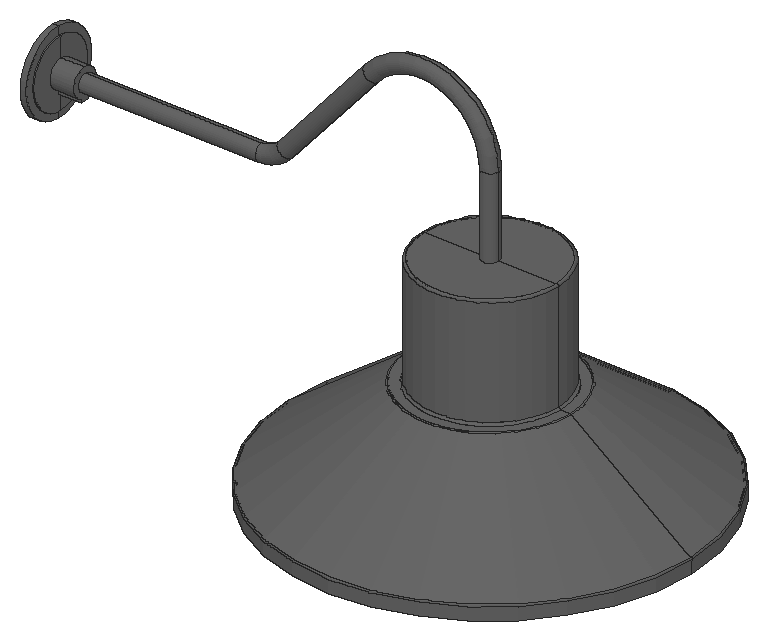
Revit family "VEC 12,16,20,24 MB", category Lighting Fixtures, Revit 2020
Family settings
  Round Connector Dimension = Use Diameter
  Part Type = Normal
  OmniClass Number = 23.80.70.00
  OmniClass Title = Lighting
  Work Plane-Based = No
  Always vertical = Yes
  Cut with Voids When Loaded = No
  Light Source = Yes
  Shared = No
  Room Calculation Point = No
Parameters (values of type "VEC24")
  b = 0' - 0"
  a = 0' - 8 1/2"
  Weight = "5.0lb"
  Wattage Comments = "200 W Max"  # constant formula
  Wattage = 13.4642 W
  Warranty = "5 year limited warranty"  # constant formula
  built-in parameter 1150110 = 1 (stored number, unit not read)
  Voltage = 220 V  # constant formula
  VEC24 = yes
  VEC20 = no
  VEC16 = no
  VEC12 = no
  URL = "https://www.anplighting.com/assets/Uploads/product-attachments/specification-sheets/ANP-Specification-Sheet-RLM-MB-VEC24.pdf"
  built-in parameter 1114217 = 1 (stored number, unit not read)
  Tilt Angle = 90.00°
  built-in parameter 1150109 = 1 (stored number, unit not read)
  built-in parameter 1150134 = 12
  built-in parameter 1150113 = 1 (stored number, unit not read)
  Photometric Web File = "VEC24M016LDDW40K.ies"
  Mounting Option [instance] = 2
  Power Factor = 1
  Post Mount [instance] = Mounting Option = 5  # no
  Placement X axis side [instance] = if(Post Mount, 2' 2 15/32", if(Cord or Stem Mount, 0' 0", if(E36 20 inch, 1' 8 1/4", if(E 6 26 inch, 2' 2", if(E7 41 inch, 3' 5 1/4", 0' 1")))))  # 2' - 2"
  Model = "VEC24"
  Manufacturer = "ANP Lighting"  # constant formula
  built-in parameter 1150105 = 159.15 (stored number, unit not read)
  Lumens = 2000 lm
  built-in parameter 1150115 = 1 (stored number, unit not read)
  Load Classification = Lighting
  Light Source Height [instance] = 0' - 0"
  built-in parameter 1150137 = (empty or 0)
  built-in parameter 1150139 = (empty or 0)
  Light Elevation _2 [instance] = if(Post Mount, 0' 0.66142", if(E7 41 inch, 0' 0.66142", if(E36 20 inch, 0' 1.65748", if(E 6 26 inch, 0' 1.53543", if(Cord or Stem Mount, (0' 4.3622" + Cord Length), 0' 0")))))  # 0' - 1.53543"
  Light Elevation _1 [instance] = if(Post Mount, 0' 0", if(E7 41 inch, 0' 0", if(E36 20 inch, 0' 1", if(E 6 26 inch, 0' 0.87402", if(Cord or Stem Mount, (0' 3.66142" + Cord Length), 0' 0")))))  # 0' - 0.87402"
  Light Elevation [instance] = if(Post Mount, 14' 0.5315", if(E7 41 inch, 0' 0", 0' 0"))  # 0' - 0"
  Life = "L70 50,000 hours"  # constant formula
  built-in parameter 1150112 = 1 (stored number, unit not read)
  built-in parameter 1150114 = 1 (stored number, unit not read)
  Lamp = "MB"  # constant formula
  built-in parameter 1150132 = 2
  built-in parameter 1150102 = (empty or 0)
  built-in parameter 1150107 = 4000 (stored number, unit not read)
  built-in parameter 1150138 = (empty or 0)
  built-in parameter 1150106 = 1.5915 (stored number, unit not read)
  HUB = Steel, Paint Finish, Dark Gray, Matte
  Fixture Height = 1' - 0 5/8"
  Fixture Diameter = 2' - 0"
  Efficiency = "71-108 lumens per watt"  # constant formula
  built-in parameter 1150104 = 13.8 (stored number, unit not read)
  E7 41 inch [instance] = Mounting Option = 4  # no
  E36 20 inch [instance] = Mounting Option = 3  # no
  E 6 26 inch [instance] = Mounting Option = 2  # yes
  Dimming Lamp Color Temperature Shift = <None>
  Dimming = "1%"  # constant formula
  Description = "120-277 Voltage"  # constant formula
  Default Elevation = 0' - 0"
  Cord or Stem Mount [instance] = Mounting Option = 1  # no
  Cord Length option [instance] = 0
  Cord Length [instance] = if([2' Cord], 2' 0", if([4' Cord], 4' 0", if([8' Cord], 8' 0", if([10' Cord], 10' 0", if([6' Cord], 6' 0", 6' 0")))))  # 6' - 0"
  Construction Material = "Heavy Duty spun aluminum."  # constant formula
  Color Filter = 16777215
  Canopy Body = body
  CRI = ">90"  # constant formula
  Bulb = Bulb
  Body Material = body
  Body Colour = "Spun aluminium"  # constant formula
  built-in parameter 1114218 = 1 (stored number, unit not read)
  built-in parameter 1150133 = 10 (stored number, unit not read)
  Apparent Load = 200 VA  # constant formula
  8' Cord [instance] = Cord Length option = 8  # no
  6' Cord [instance] = Cord Length option = 6  # no
  4' Cord [instance] = Cord Length option = 4  # no
  2' Cord [instance] = Cord Length option = 2  # no
  10' Cord [instance] = Cord Length option = 10  # no
Types (5): name | a | Weight | VEC24 | VEC20 | VEC16 | VEC12 | URL | Photometric Web File | Model | Fixture Height | Fixture Diameter
  (no name) | 0' - 8 1/2" | "5.0lb" | yes | no | no | no | "https://www.anplighting.com/assets/Uploads/product-attachments/specification-sheets/ANP-Specification-Sheet-RLM-MB-VEC24.pdf" | "VEC24M016LDDW40K.ies" | "VEC24" | 1' - 0 5/8" | 2' - 0"
  VEC12 | 0' - 6" | "1.5lbs" | no | no | no | yes | "https://www.anplighting.com/assets/Uploads/product-attachments/specification-sheets/ANP-Specification-Sheet-RLM-MB-VEC12.pdf" | "VEC12M016LDDW40K.ies" | "VEC12" | 0' - 6 5/16" | 1' - 0"
  VEC16 | 0' - 6" | "2.5lbs" | no | no | yes | no | "https://www.anplighting.com/assets/Uploads/product-attachments/specification-sheets/ANP-Specification-Sheet-RLM-MB-VEC16.pdf" | "VEC16M016LDDW40K.ies" | "VEC16" | 0' - 8 3/8" | 1' - 4"
  VEC20 | 0' - 7 1/2" | "4.0lbs" | no | yes | no | no | "https://www.anplighting.com/assets/Uploads/product-attachments/specification-sheets/ANP-Specification-Sheet-RLM-MB-VEC20.pdf" | "VEC20M016LDDW40K.ies" | "VEC20" | 0' - 10 1/2" | 1' - 8"
  VEC24 | 0' - 8 1/2" | "5.0lb" | yes | no | no | no | "https://www.anplighting.com/assets/Uploads/product-attachments/specification-sheets/ANP-Specification-Sheet-RLM-MB-VEC24.pdf" | "VEC24M016LDDW40K.ies" | "VEC24" | 1' - 0 5/8" | 2' - 0"
Reference planes (in)
  plane 1 "Light Source Axis (F/B)": y = 0
  plane 2: z = 0
  plane 3 "Light Source Axis (L/R)": x = 0
  plane 4 "Light Source Elevation": z = 0
  plane 5: z = 0
  plane 6: x = 26
  plane 7 "Bulb Position": z = -1.53543
  plane 8 "Canopy Position": z = -0.87402
  plane 9 "IES": z = -1.53543
  plane 10: z = 164.5315
  plane 11: z = -9.37402
  plane 12: z = -9.37402
  plane 13: z = -6.94289
Dimensions and locks (in)
  "Light Elevation": plane 5 to plane 2
  "Placement X axis side": plane 6 to plane 3 "Light Source Axis (L/R)"
  "Light Elevation _2": plane 5 to plane 7 "Bulb Position"
  "Light Elevation _1": plane 5 to plane 8 "Canopy Position"
  "Light Source Height": plane 7 "Bulb Position" to plane 9 "IES"
  locked: plane 4 "Light Source Elevation" to plane 2
  "a": plane 8 "Canopy Position" to plane 11
  "b": plane 12 to plane 11
  locked: plane 13 to plane 12 at 2.43113
  aligned and locked: level to plane 2
  aligned and locked: plane 1 "Light Source Axis (F/B)" to nested 5
  aligned and locked: nested 5 to plane 2
  aligned and locked: nested 1 to plane 3 "Light Source Axis (L/R)"
  aligned and locked: plane 3 "Light Source Axis (L/R)" to nested 2
  aligned and locked: plane 3 "Light Source Axis (L/R)" to nested 4
  aligned and locked: nested 3 to plane 5
  aligned and locked: plane 3 "Light Source Axis (L/R)" to nested 3
  aligned and locked: plane 1 "Light Source Axis (F/B)" to nested 2
  aligned and locked: plane 1 "Light Source Axis (F/B)" to nested 1
  aligned and locked: plane 1 "Light Source Axis (F/B)" to nested 4
  aligned and locked: plane 1 "Light Source Axis (F/B)" to nested 3
  aligned and locked: plane 2 to nested 1
  aligned and locked: plane 2 to nested 2
  aligned and locked: nested 4 to plane 2
  aligned and locked: plane 6 to imposter light
  aligned and locked: imposter light to plane 12
  aligned and locked: imposter light to plane 1 "Light Source Axis (F/B)"
  aligned and locked: nested 6 to plane 8 "Canopy Position"
  aligned and locked: nested 7 to plane 8 "Canopy Position"
  aligned and locked: nested 8 to plane 8 "Canopy Position"
  aligned and locked: nested 9 to plane 8 "Canopy Position"
  aligned and locked: plane 6 to nested 6
  aligned and locked: plane 6 to nested 7
  aligned and locked: plane 6 to nested 8
  aligned and locked: plane 6 to nested 9
Nested families (in)
  nested 1: "CORD OR STEM MOUNT" at (0, 0, -75.67), visible <- "Cord or Stem Mount", Cord or Stem Mount <- "Cord or Stem Mount", Body Material <- "Body Material", Light Elevation <- "Light Elevation", Cord Length <- "Cord Length", 10' Cord <- "10' Cord", 2' Cord <- "2' Cord", 4' Cord <- "4' Cord", 6' Cord <- "6' Cord", 8' Cord <- "8' Cord", type "CORD OR STEM MOUNT"
    with Light Elevation 0' - 0", Cord or Stem Mount no, Cord Length 6' - 0", Body Material body, 8' Cord no, 6' Cord no, 4' Cord no, 2' Cord no, 10' Cord no
  nested 2: "E6 26 INCH" at (26, 0, 0), visible <- "E 6 26 inch", Chain Length <- "Cord Length", E 6 26 inch <- "E 6 26 inch", Placement X axis side <- "Placement X axis side", Body Material <- "Body Material", Light Elevation <- "Light Elevation", type "E6 26 INCH"
    with Placement X axis side 2' - 2", Light Elevation 0' - 0", E 6 26 inch yes, Chain Length 6' - 0", Body Material body
  nested 3: "E7 41 INCH" at (26, 0, 0), Chain Length <- "Cord Length", visible <- "E7 41 inch", E7 41 inch <- "E7 41 inch", Placement X axis side <- "Placement X axis side", Body Material <- "Body Material", Light Elevation <- "Light Elevation", type "E7 41 INCH"
    with Placement X axis side 2' - 2", Light Elevation 0' - 0", E7 41 inch no, Chain Length 6' - 0", Body Material body
  nested 4: "E36 20 INCH" at (26, 0, 0), visible <- "E36 20 inch", E36 20 inch <- "E36 20 inch", Placement X axis side <- "Placement X axis side", Chain Length <- "Cord Length", Body Material <- "Body Material", Light Elevation <- "Light Elevation", type "E36 20 INCH"
    with Placement X axis side 2' - 2", Light Elevation 0' - 0", E36 20 inch no, Chain Length 6' - 0", Body Material body
  nested 5: "POST MOUNT" at (26, 0, 0), visible <- "Post Mount", Post Mount <- "Post Mount", Placement X axis side <- "Placement X axis side", Chain Length <- "Cord Length", Body Material <- "Body Material", Light Elevation <- "Light Elevation", type "POST MOUNT"
    with Post Mount no, Placement X axis side 2' - 2", Light Elevation 0' - 0", Chain Length 6' - 0", Body Material body
  nested 6: "VEC12 A" at (26, 0, -0.87402), Body <- "Canopy Body", Light Elevation <- "Light Elevation", VEC12 <- "VEC12", visible <- "VEC12", INSIDE BODY <- "HUB", Bulb <- "Bulb", type "VEC12 A"
    with VEC12 no, Light Elevation 0' - 0", INSIDE BODY Steel, Paint Finish, Dark Gray, Matte, Bulb Bulb, Body body
  nested 7: "VEC16 A" at (26, 0, -0.87402), Body <- "Canopy Body", Light Elevation <- "Light Elevation", VEC16 <- "VEC16", visible <- "VEC16", Bulb <- "Bulb", type "VEC16 A"
    with VEC16 no, Light Elevation 0' - 0", INSIDE BODY none, Bulb Bulb, Body body
  nested 8: "VEC20 A" at (26, 0, -0.87402), Body <- "Canopy Body", Light Elevation <- "Light Elevation", VEC20 <- "VEC20", visible <- "VEC20", Bulb <- "Bulb", type "VEC20 A"
    with VEC20 no, Light Elevation 0' - 0", INSIDE BODY none, Bulb Bulb, Body body
  nested 9: "VEC24 A" at (26, 0, -0.87402), Body <- "Canopy Body", Light Elevation <- "Light Elevation", VEC24 <- "VEC24", visible <- "VEC24", Bulb <- "Bulb", type "VEC24 A"
    with VEC24 yes, Light Elevation 0' - 0", INSIDE BODY none, Bulb Bulb, Body body
Definition of nested family "E6 26 INCH"
  Parameters (values of type "E6 26 INCH")
    URL = ""
    Placement X axis side [instance] = 2' - 2"
    Model = ""
    Manufacturer = ""
    Light Elevation [instance] = 8' - 4"
    E 6 26 inch [instance] = yes
    Default Elevation = 0' - 0"
    Chain Length [instance] = 0' - 0"
    Body Material [instance] = none
  Reference planes (in)
    plane 1 "Light Source Axis (F/B)": y = 0
    plane 2: z = 0
    plane 3 "Light Source Axis (L/R)": x = 0
    plane 4 "Light Source Elevation": z = 23.125
    plane 5: z = 100
    plane 6: x = -26
    plane 7: z = 99.125
    plane 8: x = -24.12
    plane 9: x = -25.5474
  Forms (in)
    Extrusion 1, void, not visible
      sketch origin (0, 0, 2.38154) x (1, 0, 0) y (0, 0, 1)
        loop
          circle (0, 4.59925) r 0.16583
      from 1.18594 to 1.75
    Extrusion 2, void, not visible
      sketch origin (0, 0, 2.38154) x (0.707107, -0.707107, 0) y (0, 0, 1)
        loop
          circle (0, 4.59925) r 0.16583
      from 1.18594 to 1.75
    Extrusion 3, void, not visible
      sketch origin (0, 0, 2.38154) x (0.707107, 0.707107, 0) y (0, 0, 1)
        loop
          circle (0, 4.59925) r 0.16583
      from 1.18594 to 1.75
    Extrusion 4, void, not visible
      sketch origin (0, 0, 2.38154) x (0, 1, 0) y (0, 0, 1)
        loop
          circle (0, 4.59925) r 0.16583
      from 1.18594 to 1.75
    Extrusion 5, void, not visible
      sketch origin (0, 0, 2.38154) x (-0.707107, 0.707107, 0) y (0, 0, 1)
        loop
          circle (0, 4.59925) r 0.16583
      from 1.18594 to 1.75
    Extrusion 6, void, not visible
      sketch origin (0, 0, 2.38154) x (-1, 0, 0) y (0, 0, 1)
        loop
          circle (0, 4.59925) r 0.20678
      from 1.18594 to 1.75
    Extrusion 7, void, not visible
      sketch origin (0, 0, 2.38154) x (-0.707107, -0.707107, 0) y (0, 0, 1)
        loop
          circle (0, 4.59925) r 0.16583
      from 1.18594 to 1.75
    Extrusion 8, void, not visible
      sketch origin (0, 0, 2.38154) x (0, -1, 0) y (0, 0, 1)
        loop
          circle (0, 4.59925) r 0.16583
      from 1.18594 to 1.75
    Sweep 9, solid, material <- "Body Material", visible <- "E 6 26 inch"
      path origin (-41.25, 0, 168.51693) x (1, 0, 0) y (0, 0, 1)
        loop
          line (17.13, -68.51693) -> (27.68551, -68.51693)
          arc (27.68551, -68.51693) -> (28.47996, -68.34486) -> (29.13202, -67.8595) r 1.92004
          line (29.13202, -67.8595) -> (34.23651, -62.01155)
          arc (34.23651, -62.01155) -> (38.65464, -60.89667) -> (41.25, -64.64193) r 4
          line (41.25, -64.64193) -> (41.25, -69.39193)
      profile origin (-18.84224, 0, 100) x (0, 0, 1) y (0, -1, 0)
        loop
          circle (0, 0) r 0.5
    Revolve 10, solid, material <- "Body Material", visible <- "E 6 26 inch"
      sketch origin (-26, 0, 168.51693) x (1, 0, 0) y (0, 0, 1)
        loop
          line (0, -66.07943) -> (0, -68.51693) -> (1.88, -68.51693) -> (1.88, -67.69272) -> (0.4526, -67.69272) -> (0.4526, -66.54122) -> (0.33125, -66.54122) -> (0.33125, -66.07943) -> (0, -66.07943)
        axis (0, -68.51693) -> (1.88, -68.51693)
      angle from 0 to 360
    Extrusion 11, solid, material <- "Body Material", visible <- "E 6 26 inch"
      sketch origin (-26, 0, 168.51693) x (0, -1, 0) y (0, 0, -1)
        loop
          line (0.25, 68.51693) -> (0.25, 69.51693) -> (-0.25, 69.51693) -> (-0.25, 68.51693) -> (0.25, 68.51693)
      from 0.4526 to 1.88
  Cuts and joins
    joined: Revolve 10, Extrusion 11
  Dimensions and locks (in)
    "Light Elevation": plane 5 to plane 2
    "Placement X axis side": plane 3 "Light Source Axis (L/R)" to plane 6
    locked: plane 5 to plane 7 at 0.875
    Revolve 10 sketch curve to Revolve 10 sketch curve to Revolve 10 sketch curve to plane 6 = 0' - 1.4274" locked, 0' - 0.12135" locked, 0' - 0.33125" locked
    Revolve 10 sketch curve to Revolve 10 sketch curve to Revolve 10 sketch curve to plane 5 = 0' - 0.46179" locked, 0' - 1.1515" locked, 0' - 0 211/256" locked
    locked: Sweep 9 sketch curve to plane 6 at 1.88
    locked: Sweep 9 sketch curve to Sweep 9 sketch curve at 10.55551
    locked: Sweep 9 sketch curve to Sweep 9 sketch curve at 13.56449
    locked: Sweep 9 sketch curve to Sweep 9 sketch curve at 4.75
    locked: plane 9 to plane 6 at 0.4526
    locked: plane 8 to plane 9 at 1.4274
    aligned and locked: level to plane 2
    aligned and locked: Revolve 10 sketch curve to plane 6
    aligned and locked: plane 5 to Revolve 10 sketch curve
    aligned and locked: Revolve 10 sketch curve to plane 5
    aligned and locked: cut or joined group of Revolve 10, Extrusion 11 to plane 9
    aligned and locked: plane 8 to cut or joined group of Revolve 10, Extrusion 11
  Automatic sketch dimensions
    Sweep 9 sketch curve to plane 5 = 0' - 0"
    Sweep 9 sketch curve to Sweep 9 sketch curve = 0' - 4"
    Sweep 9 sketch curve to Sweep 9 sketch curve = 0' - 3.01349"
    plane 5 to Sweep 9 sketch curve = 0' - 0.65743"
    Sweep 9 sketch curve to Sweep 9 sketch curve = 0' - 1.4465"
    Sweep 9 sketch curve to plane 5 = 0' - 0 7/8"
    profile plane to Sweep 9 sketch curve = 0' - 0"
    Sweep 9 sketch curve to profile plane = 0' - 0"
    plane 6 to Revolve 10 sketch curve = 0' - 0.62562"
    Revolve 10 sketch curve to Revolve 10 sketch curve = 0' - 0 1/2"
    Extrusion 11 sketch curve to plane 5 = 0' - 0"
    plane 1 "Light Source Axis (F/B)" to Extrusion 11 sketch curve = 0' - 0 1/4"
    Extrusion 11 sketch curve to plane 1 "Light Source Axis (F/B)" = 0' - 0 1/4"
    plane 5 to Extrusion 11 sketch curve = 0' - 1"
    radius of Sweep 9 sketch curve = 0' - 0 1/2"
Definition of nested family "VEC24 A"
  Parameters (values of type "VEC24 A")
    VEC24 [instance] = yes
    Light Elevation [instance] = 0' - 0"
    INSIDE BODY [instance] = none
    Default Elevation = 0' - 0"
    Bulb [instance] = none
    Body [instance] = none
  Reference planes (in)
    plane 1 "Center (Front/Back)": y = 0
    plane 2: z = 0
    plane 3 "Center (Left/Right)": x = 0
    plane 4: z = 0
  Dimensions and locks (in)
    "Light Elevation": plane 4 to plane 2
    aligned and locked: plane 2 to level
    aligned and locked: plane 3 "Center (Left/Right)" to nested 1
    aligned and locked: plane 1 "Center (Front/Back)" to nested 1
    aligned and locked: plane 4 to nested 1
  Nested families (in)
    nested 1: "VEC24" at (0, 0, -12.625), INSIDE BODY <- "INSIDE BODY", Bulb <- "Bulb", Body <- "Body", visible <- "VEC24", VEC24 <- "VEC24", type "VEC24"
      with VEC24 yes, INSIDE BODY none, Bulb none, Body none
  Definition of nested family "VEC24"
    Parameters
      VEC24 [instance] = yes
      INSIDE BODY [instance] = none
      Default Elevation = 0' - 0"
      Bulb [instance] = none
      Body [instance] = none
    Reference planes (in)
      plane 1 "Center (Front/Back)": y = 0
      plane 2: z = 0
      plane 3 "Center (Left/Right)": x = 0
    Forms (in)
      Revolve 1, solid, material <- "Body", visible <- "VEC24"
        sketch origin (0, 0, 0) x (1, 0, 0) y (0, 0, 1)
          loop
            line (0.5, 12.625) -> (0.5, 12.545) -> (3.9375, 12.545)
            arc (3.9375, 12.545) -> (3.96932, 12.53182) -> (3.9825, 12.5) r 0.045
            line (3.9825, 12.5) -> (3.9825, 6.125)
            arc (3.9825, 6.125) -> (4.04254, 5.98004) -> (4.1875, 5.92) r 0.205
            line (4.1875, 5.92) -> (4.78665, 5.92) -> (11.90134, 0.78505)
            arc (11.90134, 0.78505) -> (11.91506, 0.76905) -> (11.92, 0.74856) r 0.045
            line (11.92, 0.74856) -> (11.92, 0) -> (12, 0) -> (12, 0.74856)
            arc (12, 0.74856) -> (11.98629, 0.80549) -> (11.94815, 0.84992) r 0.125
            line (11.94815, 0.84992) -> (4.84526, 5.97636)
            arc (4.84526, 5.97636) -> (4.81054, 5.99394) -> (4.7721, 6) r 0.125
            line (4.7721, 6) -> (4.1875, 6)
            arc (4.1875, 6) -> (4.09911, 6.03661) -> (4.0625, 6.125) r 0.125
            line (4.0625, 6.125) -> (4.0625, 12.5)
            arc (4.0625, 12.5) -> (4.02589, 12.58839) -> (3.9375, 12.625) r 0.125
            line (3.9375, 12.625) -> (0.5, 12.625)
          axis (0, 12.625) -> (0, 0)
        angle from 0 to 360
      Revolve 2, solid, material <- "Bulb", visible <- "VEC24"
        sketch origin (0, 0, 0) x (1, 0, 0) y (0, 0, 1)
          loop
            line (4.21875, 5.67) -> (4.21875, 5.92) -> (0, 5.92) -> (0, 5.67) -> (4.21875, 5.67)
          axis (0, 5.92) -> (0, 5.67)
        angle from 0 to 360
      Revolve 3, solid, material <- "Bulb", visible <- "VEC24"
        sketch origin (0, 0, 0) x (1, 0, 0) y (0, 0, 1)
          loop
            arc (0, 4.24992) -> (0.84855, 4.59818) -> (1.20777, 5.44214) r 1.20787
            line (1.20777, 5.44214) -> (1.73626, 5.44214) -> (1.73228, 5.67) -> (0, 5.67) -> (0, 4.24992)
          axis (0, 5.67) -> (0, 4.24992)
        angle from 0 to 360
      Revolve 4, solid, material <- "INSIDE BODY", visible <- "VEC24"
        sketch origin (0, 0, 0) x (1, 0, 0) y (0, 0, 1)
          loop
            line (4.78001, 5.87401) -> (4.22359, 5.87401) -> (4.22359, 5.82401) -> (4.76384, 5.82401) -> (11.8075, 0.7373) -> (11.8075, 0) -> (11.8575, 0) -> (11.8575, 0.73945)
            arc (11.8575, 0.73945) -> (11.85248, 0.7603) -> (11.83851, 0.77658) r 0.0458
            line (11.83851, 0.77658) -> (4.78001, 5.87401)
          axis (0, 5.87401) -> (0, 0)
        angle from 0 to 360
    Dimensions and locks (in)
      locked: Revolve 2 to plane 2 at 5.67
      aligned and locked: plane 2 to level
Definition of nested family "CORD OR STEM MOUNT"
  Parameters (values of type "CORD OR STEM MOUNT")
    URL = ""
    Model = ""
    Manufacturer = ""
    Light Elevation [instance] = 1' - 7.69"
    Default Elevation = 0' - 0"
    Cord or Stem Mount [instance] = yes
    Cord Length [instance] = 6' - 0"
    Body Material [instance] = none
    8' Cord [instance] = no
    6' Cord [instance] = no
    4' Cord [instance] = no
    2' Cord [instance] = no
    10' Cord [instance] = no
  Reference planes (in)
    plane 1 "Light Source Axis (F/B)": y = 0
    plane 2: z = 0
    plane 3 "Light Source Axis (L/R)": x = 0
    plane 4 "Light Source Elevation": z = 23.125
    plane 5: z = 91.69
    plane 6: z = 19.69
  Forms (in)
    Extrusion 1, void, not visible
      sketch origin (0, 0, 2.38154) x (1, 0, 0) y (0, 0, 1)
        loop
          circle (0, 4.59925) r 0.16583
      from 1.18594 to 1.75
    Extrusion 2, void, not visible
      sketch origin (0, 0, 2.38154) x (0.707107, -0.707107, 0) y (0, 0, 1)
        loop
          circle (0, 4.59925) r 0.16583
      from 1.18594 to 1.75
    Extrusion 3, void, not visible
      sketch origin (0, 0, 2.38154) x (0.707107, 0.707107, 0) y (0, 0, 1)
        loop
          circle (0, 4.59925) r 0.16583
      from 1.18594 to 1.75
    Extrusion 4, void, not visible
      sketch origin (0, 0, 2.38154) x (0, 1, 0) y (0, 0, 1)
        loop
          circle (0, 4.59925) r 0.16583
      from 1.18594 to 1.75
    Extrusion 5, void, not visible
      sketch origin (0, 0, 2.38154) x (-0.707107, 0.707107, 0) y (0, 0, 1)
        loop
          circle (0, 4.59925) r 0.16583
      from 1.18594 to 1.75
    Extrusion 6, void, not visible
      sketch origin (0, 0, 2.38154) x (-1, 0, 0) y (0, 0, 1)
        loop
          circle (0, 4.59925) r 0.20678
      from 1.18594 to 1.75
    Extrusion 7, void, not visible
      sketch origin (0, 0, 2.38154) x (-0.707107, -0.707107, 0) y (0, 0, 1)
        loop
          circle (0, 4.59925) r 0.16583
      from 1.18594 to 1.75
    Extrusion 8, void, not visible
      sketch origin (0, 0, 2.38154) x (0, -1, 0) y (0, 0, 1)
        loop
          circle (0, 4.59925) r 0.16583
      from 1.18594 to 1.75
    Revolve 9, solid, material <- "Body Material", visible <- "Cord or Stem Mount"
      sketch origin (0, 0, 174.56698) x (1, 0, 0) y (0, 0, 1)
        loop
          line (2.6875, -79.20698) -> (0, -79.20698) -> (0, -82.87698) -> (0.125, -82.87698) -> (0.125, -82.83698) -> (0.75, -82.83698)
          arc (0.75, -82.83698) -> (0.81694, -82.77004) -> (0.75, -82.7031) r 0.06694
          line (0.75, -82.7031) -> (0.89763, -82.7031) -> (1.00223, -82.5985) -> (1.06587, -82.5985)
          arc (1.06587, -82.5985) -> (1.80099, -82.29401) -> (2.10549, -81.55888) r 1.03962
          line (2.10549, -81.55888) -> (2.10549, -81.03899)
          arc (2.10549, -81.03899) -> (2.12951, -80.981) -> (2.1875, -80.95698) r 0.08201
          line (2.1875, -80.95698) -> (2.1875, -80.70698) -> (2.6875, -80.70698) -> (2.6875, -79.20698)
        axis (0, -79.20698) -> (0, -82.87698)
      angle from 0 to 360
    Revolve 10, solid, material <- "Body Material", visible <- "Cord or Stem Mount"
      sketch origin (0, 0, 0) x (1, 0, 0) y (0, 0, 1)
        loop
          line (0, 91.69) -> (-0.125, 91.69) -> (-0.125, 19.69) -> (0, 19.69) -> (0, 91.69)
        axis (0, 19.69) -> (0, 91.69)
      angle from 0 to 360
  Dimensions and locks (in)
    "Light Elevation": plane 6 to plane 2
    "Cord Length": plane 5 to plane 6
    locked: Revolve 10 sketch curve to Revolve 10 sketch curve at 0.125
    aligned and locked: level to plane 2
    aligned and locked: Revolve 10 sketch curve to plane 3 "Light Source Axis (L/R)"
    aligned and locked: Revolve 10 sketch curve to plane 6
    aligned and locked: Revolve 10 sketch curve to plane 5
    aligned and locked: plane 3 "Light Source Axis (L/R)" to Revolve 10 sketch curve
  Automatic sketch dimensions
    Revolve 9 sketch curve to plane 3 "Light Source Axis (L/R)" = 0' - 0"  (x2)
    Revolve 9 sketch curve to plane 5 = 0' - 0"
    plane 3 "Light Source Axis (L/R)" to Revolve 9 sketch curve = 0' - 0 1/8"
    Revolve 9 sketch curve to plane 5 = 0' - 0.17388"
    Revolve 9 sketch curve to Revolve 9 sketch curve = 0' - 0 5/8"
    Revolve 9 sketch curve to Revolve 9 sketch curve = 0' - 0.14763"
    Revolve 9 sketch curve to plane 5 = 0' - 0.27847"
    Revolve 9 sketch curve to Revolve 9 sketch curve = 0' - 0.1046"
    Revolve 9 sketch curve to Revolve 9 sketch curve = 0' - 0.06364"
    Revolve 9 sketch curve to Revolve 9 sketch curve = 0' - 1.03962"
    Revolve 9 sketch curve to Revolve 9 sketch curve = 0' - 0 21/256"
    Revolve 9 sketch curve to Revolve 9 sketch curve = 0' - 0 1/2"  (x2)
    Revolve 9 sketch curve to Revolve 9 sketch curve = 0' - 0.51989"
    Revolve 9 sketch curve to Revolve 9 sketch curve = 0' - 0 1/4"
    Revolve 9 sketch curve to Revolve 9 sketch curve = 0' - 2.3519"
    Revolve 9 sketch curve to Revolve 9 sketch curve = 0' - 1 1/4"
    Revolve 9 sketch curve to Revolve 9 sketch curve = 0' - 0.04"
    Revolve 10 sketch curve to Revolve 10 sketch curve = 0' - 0 1/2"
    Revolve 10 sketch curve to Revolve 10 sketch curve = 0' - 0.42345"
Definition of nested family "E7 41 INCH"
  Parameters (values of type "E7 41 INCH")
    URL = ""
    Placement X axis side [instance] = 4' - 2"
    Model = ""
    Manufacturer = ""
    Light Elevation [instance] = 8' - 4"
    E7 41 inch [instance] = yes
    Default Elevation = 0' - 0"
    Chain Length [instance] = 0' - 0"
    Body Material [instance] = none
  Reference planes (in)
    plane 1 "Light Source Axis (F/B)": y = 0
    plane 2: z = 0
    plane 3 "Light Source Axis (L/R)": x = 0
    plane 4 "Light Source Elevation": z = 23.125
    plane 5: z = 100
    plane 6: x = -50
  Forms (in)
    Extrusion 1, void, not visible
      sketch origin (0, 0, 2.38154) x (1, 0, 0) y (0, 0, 1)
        loop
          circle (0, 4.59925) r 0.16583
      from 1.18594 to 1.75
    Extrusion 2, void, not visible
      sketch origin (0, 0, 2.38154) x (0.707107, -0.707107, 0) y (0, 0, 1)
        loop
          circle (0, 4.59925) r 0.16583
      from 1.18594 to 1.75
    Extrusion 3, void, not visible
      sketch origin (0, 0, 2.38154) x (0.707107, 0.707107, 0) y (0, 0, 1)
        loop
          circle (0, 4.59925) r 0.16583
      from 1.18594 to 1.75
    Extrusion 4, void, not visible
      sketch origin (0, 0, 2.38154) x (0, 1, 0) y (0, 0, 1)
        loop
          circle (0, 4.59925) r 0.16583
      from 1.18594 to 1.75
    Extrusion 5, void, not visible
      sketch origin (0, 0, 2.38154) x (-0.707107, 0.707107, 0) y (0, 0, 1)
        loop
          circle (0, 4.59925) r 0.16583
      from 1.18594 to 1.75
    Extrusion 6, void, not visible
      sketch origin (0, 0, 2.38154) x (-1, 0, 0) y (0, 0, 1)
        loop
          circle (0, 4.59925) r 0.20678
      from 1.18594 to 1.75
    Extrusion 7, void, not visible
      sketch origin (0, 0, 2.38154) x (-0.707107, -0.707107, 0) y (0, 0, 1)
        loop
          circle (0, 4.59925) r 0.16583
      from 1.18594 to 1.75
    Extrusion 8, void, not visible
      sketch origin (0, 0, 2.38154) x (0, -1, 0) y (0, 0, 1)
        loop
          circle (0, 4.59925) r 0.16583
      from 1.18594 to 1.75
    Revolve 9, solid, material <- "Body Material", visible <- "E7 41 inch"
      sketch origin (-41.25, 0, 168.39193) x (1, 0, 0) y (0, 0, 1)
        loop
          line (-8.75, -66.20443) -> (-8.75, -68.51693) -> (-6.87, -68.51693) -> (-6.87, -67.69272) -> (-8.2974, -67.69272) -> (-8.2974, -66.54122) -> (-8.41875, -66.54122) -> (-8.41875, -66.20443) -> (-8.75, -66.20443)
        axis (-8.75, -68.51693) -> (-6.87, -68.51693)
      angle from 0 to 360
    Extrusion 10, solid, material <- "Body Material", visible <- "E7 41 inch"
      sketch origin (-41.25, 0, 168.39193) x (0, -1, 0) y (0, 0, -1)
        loop
          line (0.25, 68.51693) -> (0.25, 69.51693) -> (-0.25, 69.51693) -> (-0.25, 68.51693) -> (0.25, 68.51693)
      from -8.2974 to -6.87
    Sweep 11, solid, material <- "Body Material", visible <- "E7 41 inch"
      path origin (-41.25, 0, 168.39193) x (1, 0, 0) y (0, 0, 1)
        loop
          line (-6.87, -68.51693) -> (16.04011, -68.51693)
          arc (16.04011, -68.51693) -> (17.864, -68.13651) -> (19.38375, -67.0587) r 4.5625
          line (19.38375, -67.0587) -> (24.70217, -61.33018)
          arc (24.70217, -61.33018) -> (29.64465, -60.20324) -> (32.5, -64.39193) r 4.5
          line (32.5, -64.39193) -> (32.5, -68.39193)
      profile origin (-36.66494, 0, 99.875) x (0, 0, 1) y (0, -1, 0)
        loop
          circle (0, 0) r 0.5
  Dimensions and locks (in)
    "Placement X axis side": plane 3 "Light Source Axis (L/R)" to plane 6
    "Light Elevation": plane 5 to plane 2
    locked: Revolve 9 sketch curve to Revolve 9 sketch curve at 0.33125
    locked: Revolve 9 sketch curve to Revolve 9 sketch curve at 0.4526
    locked: Revolve 9 sketch curve to Revolve 9 sketch curve at 1.88
    locked: Revolve 9 sketch curve to Revolve 9 sketch curve at 0.82421
    locked: Revolve 9 sketch curve to Revolve 9 sketch curve at 1.1515
    locked: Revolve 9 sketch curve to Revolve 9 sketch curve at 0.33679
    locked: plane 5 to Revolve 9 sketch curve at 0.125
    locked: Extrusion 10 sketch curve to Extrusion 10 sketch curve at 0.5
    locked: Extrusion 10 sketch curve to Extrusion 10 sketch curve at 1
    locked: plane 5 to Extrusion 10 sketch curve at 0.125
    locked: plane 5 to Sweep 11 sketch curve at 0.125
    locked: Sweep 11 sketch curve to Sweep 11 sketch curve at 39.37
    locked: Sweep 11 sketch curve to Sweep 11 sketch curve at 4
    locked: plane 6 to Extrusion 10 at 0.4526
    locked: Sweep 11 sketch curve to plane 6 at 1.88
    locked: Extrusion 10 to Extrusion 10 at 1.4274
    aligned and locked: plane 2 to level
    aligned and locked: Revolve 9 sketch curve to plane 6
  Automatic sketch dimensions
    Revolve 9 sketch curve to plane 5 = 0' - 0 1/8"
    plane 6 to Revolve 9 sketch curve = 0' - 0.62562"
    Revolve 9 sketch curve to Revolve 9 sketch curve = 0' - 0 1/2"
    plane 1 "Light Source Axis (F/B)" to Extrusion 10 sketch curve = 0' - 0 1/4"
    Sweep 11 sketch curve to plane 5 = 0' - 0"
    Sweep 11 sketch curve to Sweep 11 sketch curve = 0' - 4 1/2"
    Sweep 11 sketch curve to Sweep 11 sketch curve = 0' - 3.29783"
    plane 5 to Sweep 11 sketch curve = 0' - 1.33323"
    Sweep 11 sketch curve to Sweep 11 sketch curve = 0' - 5.31842"
    Sweep 11 sketch curve to Sweep 11 sketch curve = 0' - 3.34364"
    profile plane to Sweep 11 sketch curve = 0' - 0"
    Sweep 11 sketch curve to profile plane = 0' - 0"
    radius of Sweep 11 sketch curve = 0' - 0 1/2"
Definition of nested family "E36 20 INCH"
  Parameters (values of type "E36 20 INCH")
    URL = ""
    Placement X axis side [instance] = 1' - 8 1/4"
    Model = ""
    Manufacturer = ""
    Light Elevation [instance] = 8' - 4"
    E36 20 inch [instance] = yes
    Default Elevation = 0' - 0"
    Chain Length [instance] = 0' - 0"
    Body Material [instance] = none
  Reference planes (in)
    plane 1 "Light Source Axis (F/B)": y = 0
    plane 2: z = 0
    plane 3 "Light Source Axis (L/R)": x = 0
    plane 4 "Light Source Elevation": z = 23.125
    plane 5: z = 99
    plane 6: x = -20.25
    plane 7: z = 100
    plane 8: x = -18.37008
    plane 9: x = -19.79724
  Forms (in)
    Extrusion 1, void, not visible
      sketch origin (0, 0, 2.38154) x (1, 0, 0) y (0, 0, 1)
        loop
          circle (0, 4.59925) r 0.16583
      from 1.18594 to 1.75
    Extrusion 2, void, not visible
      sketch origin (0, 0, 2.38154) x (0.707107, -0.707107, 0) y (0, 0, 1)
        loop
          circle (0, 4.59925) r 0.16583
      from 1.18594 to 1.75
    Extrusion 3, void, not visible
      sketch origin (0, 0, 2.38154) x (0.707107, 0.707107, 0) y (0, 0, 1)
        loop
          circle (0, 4.59925) r 0.16583
      from 1.18594 to 1.75
    Extrusion 4, void, not visible
      sketch origin (0, 0, 2.38154) x (0, 1, 0) y (0, 0, 1)
        loop
          circle (0, 4.59925) r 0.16583
      from 1.18594 to 1.75
    Extrusion 5, void, not visible
      sketch origin (0, 0, 2.38154) x (-0.707107, 0.707107, 0) y (0, 0, 1)
        loop
          circle (0, 4.59925) r 0.16583
      from 1.18594 to 1.75
    Extrusion 6, void, not visible
      sketch origin (0, 0, 2.38154) x (-1, 0, 0) y (0, 0, 1)
        loop
          circle (0, 4.59925) r 0.20678
      from 1.18594 to 1.75
    Extrusion 7, void, not visible
      sketch origin (0, 0, 2.38154) x (-0.707107, -0.707107, 0) y (0, 0, 1)
        loop
          circle (0, 4.59925) r 0.16583
      from 1.18594 to 1.75
    Extrusion 8, void, not visible
      sketch origin (0, 0, 2.38154) x (0, -1, 0) y (0, 0, 1)
        loop
          circle (0, 4.59925) r 0.16583
      from 1.18594 to 1.75
    Sweep 9, solid, material <- "Body Material", visible <- "E36 20 inch"
      path origin (-41.25, 0, 169.51693) x (1, 0, 0) y (0, 0, 1)
        loop
          line (22.88, -69.51693) -> (28.93827, -69.51693)
          arc (28.93827, -69.51693) -> (29.97705, -69.28152) -> (30.81284, -68.62128) r 2.40953
          line (30.81284, -68.62128) -> (34.13807, -64.50378)
          arc (34.13807, -64.50378) -> (38.58272, -63.24548) -> (41.25, -67.01693) r 4
          line (41.25, -67.01693) -> (41.25, -70.51693)
      profile origin (-15.34086, 0, 100) x (0, 0, 1) y (0, -1, 0)
        loop
          circle (0, 0) r 0.5
    Revolve 10, solid, material <- "Body Material", visible <- "E36 20 inch"
      sketch origin (-20.25, 0, 169.51693) x (1, 0, 0) y (0, 0, 1)
        loop
          line (0, -67.20443) -> (0, -69.51693) -> (1.88, -69.51693) -> (1.88, -68.69272) -> (0.4526, -68.69272) -> (0.4526, -67.54122) -> (0.33125, -67.54122) -> (0.33125, -67.20443) -> (0, -67.20443)
        axis (0, -69.51693) -> (1.88, -69.51693)
      angle from 0 to 360
    Extrusion 11, solid, material <- "Body Material", visible <- "E36 20 inch"
      sketch origin (-20.25, 0, 169.51693) x (0, -1, 0) y (0, 0, -1)
        loop
          line (0.25, 69.51693) -> (0.25, 70.51693) -> (-0.25, 70.51693) -> (-0.25, 69.51693) -> (0.25, 69.51693)
      from 1.87992 to 0.45276
  Cuts and joins
    joined: Revolve 10, Extrusion 11
  Dimensions and locks (in)
    "Light Elevation": plane 7 to plane 2
    "Placement X axis side": plane 3 "Light Source Axis (L/R)" to plane 6
    locked: plane 7 to plane 5 at 1
    Revolve 10 sketch curve to Revolve 10 sketch curve to Revolve 10 sketch curve to plane 7 = 0' - 0.33679" locked, 0' - 1.1515" locked, 0' - 0 211/256" locked
    locked: Sweep 9 sketch curve to plane 6 at 1.88
    locked: Sweep 9 sketch curve to Sweep 9 sketch curve at 6.05827
    locked: Sweep 9 sketch curve to Sweep 9 sketch curve at 12.31173
    locked: Sweep 9 sketch curve to Sweep 9 sketch curve at 3.5
    Revolve 10 sketch curve to Revolve 10 sketch curve to Revolve 10 sketch curve to plane 6 = 0' - 1.4274" locked, 0' - 0.12135" locked, 0' - 0.33125" locked
    locked: plane 9 to plane 6 at 0.45276
    locked: plane 8 to plane 9 at 1.42717
    aligned and locked: level to plane 2
    aligned and locked: plane 7 to Revolve 10 sketch curve
    aligned and locked: Revolve 10 sketch curve to plane 7
    aligned and locked: Revolve 10 sketch curve to plane 6
    aligned and locked: cut or joined group of Revolve 10, Extrusion 11 to plane 9
    aligned and locked: plane 8 to cut or joined group of Revolve 10, Extrusion 11
  Automatic sketch dimensions
    Sweep 9 sketch curve to plane 7 = 0' - 0"
    Sweep 9 sketch curve to plane 5 = 0' - 0"
    Sweep 9 sketch curve to Sweep 9 sketch curve = 0' - 4"
    Sweep 9 sketch curve to plane 7 = 0' - 0.89565"
    Sweep 9 sketch curve to Sweep 9 sketch curve = 0' - 3.32523"
    Sweep 9 sketch curve to Sweep 9 sketch curve = 0' - 1.87457"
    profile plane to Sweep 9 sketch curve = 0' - 0"
    Sweep 9 sketch curve to profile plane = 0' - 0"
    plane 6 to Revolve 10 sketch curve = 0' - 0.62562"
    Revolve 10 sketch curve to Revolve 10 sketch curve = 0' - 0 1/2"
    plane 7 to Extrusion 11 sketch curve = 0' - 0"
    Extrusion 11 sketch curve to plane 5 = 0' - 0"
    plane 1 "Light Source Axis (F/B)" to Extrusion 11 sketch curve = 0' - 0 1/4"
    Extrusion 11 sketch curve to plane 1 "Light Source Axis (F/B)" = 0' - 0 1/4"
    radius of Sweep 9 sketch curve = 0' - 0 1/2"
Definition of nested family "POST MOUNT"
  Parameters (values of type "POST MOUNT")
    URL = ""
    Post Mount [instance] = yes
    Placement X axis side [instance] = 2' - 2 1/2"
    Model = ""
    Manufacturer = ""
    Light Elevation [instance] = 14' - 0.5168"
    Default Elevation = 0' - 0"
    Chain Length [instance] = 0' - 0"
    Body Material [instance] = none
  Reference planes (in)
    plane 1 "Light Source Axis (F/B)": y = 0
    plane 2: z = 0
    plane 3 "Light Source Axis (L/R)": x = 0
    plane 4 "Light Source Elevation": z = 23.125
    plane 5: x = -26.5
    plane 6: z = 168.5168
  Forms (in)
    Extrusion 1, void, not visible
      sketch origin (0, 0, 2.38154) x (1, 0, 0) y (0, 0, 1)
        loop
          circle (0, 4.59925) r 0.16583
      from 1.18594 to 1.75
    Extrusion 2, void, not visible
      sketch origin (0, 0, 2.38154) x (0.707107, -0.707107, 0) y (0, 0, 1)
        loop
          circle (0, 4.59925) r 0.16583
      from 1.18594 to 1.75
    Extrusion 3, void, not visible
      sketch origin (0, 0, 2.38154) x (0.707107, 0.707107, 0) y (0, 0, 1)
        loop
          circle (0, 4.59925) r 0.16583
      from 1.18594 to 1.75
    Extrusion 4, void, not visible
      sketch origin (0, 0, 2.38154) x (0, 1, 0) y (0, 0, 1)
        loop
          circle (0, 4.59925) r 0.16583
      from 1.18594 to 1.75
    Extrusion 5, void, not visible
      sketch origin (0, 0, 2.38154) x (-0.707107, 0.707107, 0) y (0, 0, 1)
        loop
          circle (0, 4.59925) r 0.16583
      from 1.18594 to 1.75
    Extrusion 6, void, not visible
      sketch origin (0, 0, 2.38154) x (-1, 0, 0) y (0, 0, 1)
        loop
          circle (0, 4.59925) r 0.20678
      from 1.18594 to 1.75
    Extrusion 7, void, not visible
      sketch origin (0, 0, 2.38154) x (-0.707107, -0.707107, 0) y (0, 0, 1)
        loop
          circle (0, 4.59925) r 0.16583
      from 1.18594 to 1.75
    Extrusion 8, void, not visible
      sketch origin (0, 0, 2.38154) x (0, -1, 0) y (0, 0, 1)
        loop
          circle (0, 4.59925) r 0.16583
      from 1.18594 to 1.75
    Revolve 9, solid, material <- "Body Material", visible <- "Post Mount"
      sketch origin (-7.90508, 0, 0) x (1, 0, 0) y (0, 0, 1)
        loop
          line (-18.59492, 3.92912) -> (-16.29831, 3.92912) -> (-16.29831, 4.2668) -> (-16.91413, 4.2668) -> (-16.91413, 134.5168) -> (-17.16413, 134.5168) -> (-17.16413, 137.3918) -> (-17.05979, 137.3918)
          arc (-17.05979, 137.3918) -> (-16.93479, 137.5168) -> (-17.05979, 137.6418) r 0.125
          line (-17.05979, 137.6418) -> (-17.48032, 137.6418) -> (-17.48032, 139.0793) -> (-17.73032, 139.0793) -> (-17.73032, 139.5793) -> (-18.59492, 139.5793) -> (-18.59492, 3.92912)
        axis (-18.59492, 139.5793) -> (-18.59492, 3.92912)
      angle from 0 to 360
    Extrusion 10, solid, material <- "Body Material", visible <- "Post Mount"
      sketch origin (0, 0, 0) x (1, 0, 0) y (0, 1, 0)
        loop
          line (-20.5, 5.93079) -> (-32.5, 5.93079) -> (-32.5, -6.06921) -> (-20.5, -6.06921) -> (-20.5, 5.93079)
      from 0 to 3.92912
    Sweep 11, solid, material <- "Body Material", visible <- "Post Mount"
      path origin (0, 0, 48.5) x (1, 0, 0) y (0, 0, 1)
        loop
          line (0, 120.0168) -> (0, 128.0168)
          arc (0, 128.0168) -> (-13.25, 141.2668) -> (-26.5, 128.0168) r 13.25
          line (-26.5, 128.0168) -> (-26.5, 91.0793)
      profile origin (0, 0, 172.5168) x (-1, 0, 0) y (0, -1, 0)
        loop
          circle (0, 0) r 0.5
    Revolve 12, solid, material <- "Body Material", visible <- "Post Mount"
      sketch origin (0, 0, 0) x (1, 0, 0) y (0, 0, 1)
        loop
          line (0, 168.5168) -> (0.75, 168.5168) -> (0.75, 170.7668) -> (0, 170.7668) -> (0, 168.5168)
        axis (0, 170.7668) -> (0, 168.5168)
      angle from 0 to 360
  Cuts and joins
    joined: Revolve 9, Extrusion 10, Sweep 11, Revolve 12
  Dimensions and locks (in)
    "Placement X axis side": plane 3 "Light Source Axis (L/R)" to plane 5
    "Light Elevation": plane 6 to plane 2
    locked: Revolve 12 sketch curve to plane 5 at 26.5  (x2)
    locked: Revolve 9 sketch curve to plane 2 at 3.92912
    locked: Revolve 9 sketch curve to plane 5 at 2.29661
    locked: Revolve 9 sketch curve to plane 5 at 1.68079
    locked: Revolve 9 sketch curve to plane 5 at 1.43079
    locked: Revolve 9 sketch curve to plane 5 at 1.11461
    locked: Revolve 9 sketch curve to plane 5 at 0.86461
    locked: Revolve 9 sketch curve to Revolve 9 sketch curve at 130.58768
    locked: Revolve 9 sketch curve to Revolve 9 sketch curve at 2.875
    locked: Revolve 9 sketch curve to Revolve 9 sketch curve at 0.25
    locked: Revolve 9 sketch curve to Revolve 9 sketch curve at 1.4375
    locked: Revolve 9 sketch curve to Revolve 9 sketch curve at 0.5
    locked: Sweep 11 sketch curve to Sweep 11 sketch curve at 26.5
    locked: Revolve 12 sketch curve to Revolve 12 sketch curve at 0.75
    locked: cut or joined group of Revolve 9, Extrusion 10, Sweep 11, Revolve 12 to plane 2 at 139.5793
    aligned and locked: level to plane 2
    aligned and locked: plane 5 to Sweep 11 sketch curve
    aligned and locked: Revolve 9 sketch curve to plane 5
  Automatic sketch dimensions
    Revolve 9 sketch curve to plane 5 = 0' - 0"
    Revolve 9 sketch curve to Revolve 9 sketch curve = 0' - 0.10434"
    Revolve 9 sketch curve to Revolve 9 sketch curve = 0' - 0.33768"
    Revolve 9 sketch curve to Revolve 9 sketch curve = 0' - 0 1/4"
    Revolve 9 sketch curve to Revolve 9 sketch curve = 0' - 0 7/16"
    Extrusion 10 sketch curve to plane 5 = 0' - 6"
    plane 5 to Extrusion 10 sketch curve = 0' - 6"
    plane 1 "Light Source Axis (F/B)" to Extrusion 10 sketch curve = 0' - 6.06921"
    Extrusion 10 sketch curve to plane 1 "Light Source Axis (F/B)" = 0' - 5.93079"
    Sweep 11 sketch curve to profile plane = 0' - 0"
    profile plane to Sweep 11 sketch curve = 0' - 0"
    Sweep 11 sketch curve to plane 6 = 0' - 0"
    Sweep 11 sketch curve to plane 6 = 0' - 8"
    plane 6 to Sweep 11 sketch curve = 2' - 4 15/16"
    Revolve 12 sketch curve to plane 6 = 0' - 0"
    Revolve 12 sketch curve to plane 6 = 0' - 2 1/4"
    Revolve 12 sketch curve to Revolve 12 sketch curve = 0' - 0 1/2"
    Revolve 12 sketch curve to Revolve 12 sketch curve = 0' - 0"
    radius of Sweep 11 sketch curve = 0' - 0 1/2"
Definition of nested family "VEC12 A"
  Parameters (values of type "VEC12 A")
    VEC12 [instance] = yes
    Light Elevation [instance] = 0' - 0"
    INSIDE BODY [instance] = none
    Default Elevation = 0' - 0"
    Bulb [instance] = none
    Body [instance] = none
  Reference planes (in)
    plane 1 "Center (Front/Back)": y = 0
    plane 2: z = 0
    plane 3 "Center (Left/Right)": x = 0
    plane 4: z = 0
  Dimensions and locks (in)
    "Light Elevation": plane 4 to plane 2
    aligned and locked: plane 2 to level
    aligned and locked: plane 3 "Center (Left/Right)" to nested 1
    aligned and locked: plane 1 "Center (Front/Back)" to nested 1
    aligned and locked: plane 4 to nested 1
  Nested families (in)
    nested 1: "VEC12" at (0, 0, -6.31242), Bulb <- "Bulb", Body <- "Body", visible <- "VEC12", INSIDE BODY <- "INSIDE BODY", VEC12 <- "VEC12", type "VEC12"
      with VEC12 yes, Bulb none, Body none
  Definition of nested family "VEC12"
    Parameters
      VEC12 [instance] = yes
      INSIDE BODY [instance] = none
      Default Elevation = 0' - 0"
      Bulb [instance] = none
      Body [instance] = none
    Reference planes (in)
      plane 1 "Center (Front/Back)": y = 0
      plane 2: z = 0
      plane 3 "Center (Left/Right)": x = 0
    Forms (in)
      Revolve 1, solid, material <- "Body", visible <- "VEC12"
        sketch origin (0, 0, 0) x (1, 0, 0) y (0, 0, 1)
          loop
            arc (2, 6.18742) -> (1.96339, 6.27581) -> (1.875, 6.31242) r 0.125
            line (1.875, 6.31242) -> (0.14063, 6.31242) -> (0.14063, 6.23242) -> (1.875, 6.23242)
            arc (1.875, 6.23242) -> (1.90682, 6.21924) -> (1.92, 6.18742) r 0.045
            line (1.92, 6.18742) -> (1.92, 3.125)
            arc (1.92, 3.125) -> (1.98004, 2.98004) -> (2.125, 2.92) r 0.205
            line (2.125, 2.92) -> (2.38022, 2.92) -> (5.90144, 0.3633)
            arc (5.90144, 0.3633) -> (5.91509, 0.34732) -> (5.92, 0.32689) r 0.045
            line (5.92, 0.32689) -> (5.92, 0) -> (6, 0) -> (6, 0.32689)
            arc (6, 0.32689) -> (5.98637, 0.38365) -> (5.94844, 0.42803) r 0.125
            line (5.94844, 0.42803) -> (2.43905, 2.97615)
            arc (2.43905, 2.97615) -> (2.40422, 2.99389) -> (2.36561, 3) r 0.125
            line (2.36561, 3) -> (2.125, 3)
            arc (2.125, 3) -> (2.03661, 3.03661) -> (2, 3.125) r 0.125
            line (2, 3.125) -> (2, 6.18742)
          axis (0, 6.31242) -> (0, 0)
        angle from 0 to 360
      Revolve 2, solid, material <- "Bulb", visible <- "VEC12"
        sketch origin (0, 0, 0) x (1, 0, 0) y (0, 0, 1)
          loop
            line (2.79688, 2.1718) -> (2.79688, 2.2968) -> (0, 2.2968) -> (0, 2.1718) -> (2.79688, 2.1718)
          axis (0, 2.2968) -> (0, 2.1718)
        angle from 0 to 360
      Revolve 3, solid, material <- "Bulb", visible <- "VEC12"
        sketch origin (0, 0, 0) x (1, 0, 0) y (0, 0, 1)
          loop
            line (1.20777, 2.00473) -> (1.73572, 2.00473) -> (1.7328, 2.1718) -> (0, 2.1718) -> (0, 0.81251)
            arc (0, 0.81251) -> (0.84855, 1.16077) -> (1.20777, 2.00473) r 1.20787
          axis (0, 2.1718) -> (0, 0.81251)
        angle from 0 to 360
      Revolve 4, solid, material <- "INSIDE BODY", visible <- "VEC12"
        sketch origin (0, 0, 0) x (1, 0, 0) y (0, 0, 1)
          loop
            line (2.35494, 2.91424) -> (2.13995, 2.91424) -> (2.13995, 2.86424) -> (2.33869, 2.86424) -> (5.83609, 0.32324) -> (5.83609, -0.00373) -> (5.88609, -0.00373) -> (5.88609, 0.32697)
            arc (5.88609, 0.32697) -> (5.88319, 0.34316) -> (5.87451, 0.35713) r 0.0437
            line (5.87451, 0.35713) -> (2.35494, 2.91424)
          axis (0, 2.91424) -> (0, -0.00373)
        angle from 0 to 360
    Cuts and joins
      joined: Revolve 2, Revolve 3
    Dimensions and locks (in)
      locked: cut or joined group of Revolve 2, Revolve 3 to plane 2 at 2.2968
      aligned and locked: plane 2 to level
Definition of nested family "VEC16 A"
  Parameters (values of type "VEC16 A")
    VEC16 [instance] = yes
    Light Elevation [instance] = 0' - 0"
    INSIDE BODY [instance] = none
    Default Elevation = 0' - 0"
    Bulb [instance] = none
    Body [instance] = none
  Reference planes (in)
    plane 1 "Center (Front/Back)": y = 0
    plane 2: z = 0
    plane 3 "Center (Left/Right)": x = 0
    plane 4: z = 0
  Dimensions and locks (in)
    "Light Elevation": plane 4 to plane 2
    aligned and locked: plane 2 to level
    aligned and locked: plane 3 "Center (Left/Right)" to nested 1
    aligned and locked: plane 1 "Center (Front/Back)" to nested 1
    aligned and locked: plane 4 to nested 1
  Nested families (in)
    nested 1: "VEC16" at (0, 0, -8.375), INSIDE BODY <- "INSIDE BODY", Bulb <- "Bulb", Body <- "Body", visible <- "VEC16", VEC16 <- "VEC16", type "VEC16"
      with VEC16 yes, INSIDE BODY none, Bulb none, Body none
  Definition of nested family "VEC16"
    Parameters
      VEC16 [instance] = yes
      INSIDE BODY [instance] = none
      Default Elevation = 0' - 0"
      Bulb [instance] = none
      Body [instance] = none
    Reference planes (in)
      plane 1 "Center (Front/Back)": y = 0
      plane 2: z = 0
      plane 3 "Center (Left/Right)": x = 0
    Forms (in)
      Revolve 1, solid, material <- "Body", visible <- "VEC16"
        sketch origin (0, 0, 0) x (1, 0, 0) y (0, 0, 1)
          loop
            arc (2.6875, 8.25) -> (2.65089, 8.33839) -> (2.5625, 8.375) r 0.125
            line (2.5625, 8.375) -> (0.16406, 8.375) -> (0.16406, 8.295) -> (2.5625, 8.295)
            arc (2.5625, 8.295) -> (2.59432, 8.28182) -> (2.6075, 8.25) r 0.045
            line (2.6075, 8.25) -> (2.6075, 4.125)
            arc (2.6075, 4.125) -> (2.66754, 3.98004) -> (2.8125, 3.92) r 0.205
            line (2.8125, 3.92) -> (3.22409, 3.92) -> (7.90138, 0.53512)
            arc (7.90138, 0.53512) -> (7.91508, 0.51913) -> (7.92, 0.49866) r 0.045
            line (7.92, 0.49866) -> (7.92, 0) -> (8, 0) -> (8, 0.49866)
            arc (8, 0.49866) -> (7.98632, 0.55551) -> (7.94828, 0.59993) r 0.125
            line (7.94828, 0.59993) -> (3.2828, 3.97626)
            arc (3.2828, 3.97626) -> (3.24803, 3.99392) -> (3.20951, 4) r 0.125
            line (3.20951, 4) -> (2.8125, 4)
            arc (2.8125, 4) -> (2.72411, 4.03661) -> (2.6875, 4.125) r 0.125
            line (2.6875, 4.125) -> (2.6875, 8.25)
          axis (0, 8.375) -> (0, 0)
        angle from 0 to 360
      Revolve 2, solid, material <- "Bulb", visible <- "VEC16"
        sketch origin (0, 0, 0) x (1, 0, 0) y (0, 0, 1)
          loop
            line (2.67188, 3.795) -> (2.67188, 3.92) -> (0, 3.92) -> (0, 3.795) -> (2.67188, 3.795)
          axis (0, 3.92) -> (0, 3.795)
        angle from 0 to 360
      Revolve 3, solid, material <- "Bulb", visible <- "VEC16"
        sketch origin (0, 0, 0) x (1, 0, 0) y (0, 0, 1)
          loop
            arc (0, 2.43717) -> (0.83735, 2.77453) -> (1.20696, 3.59815) r 1.20787
            line (1.20696, 3.59815) -> (1.73572, 3.59815) -> (1.73228, 3.795) -> (0, 3.795) -> (0, 2.43717)
          axis (0, 3.795) -> (0, 2.43717)
        angle from 0 to 360
      Revolve 4, solid, material <- "INSIDE BODY", visible <- "VEC16"
        sketch origin (0, 0, 0) x (1, 0, 0) y (0, 0, 1)
          loop
            line (7.89656, 0) -> (7.89656, 0.48552)
            arc (7.89656, 0.48552) -> (7.89006, 0.51252) -> (7.872, 0.53361) r 0.05935
            line (7.872, 0.53361) -> (3.2238, 3.89545) -> (2.88412, 3.89545) -> (2.88412, 3.84545) -> (3.20761, 3.84545) -> (7.84656, 0.49029) -> (7.84656, 0) -> (7.89656, 0)
          axis (0, 3.89545) -> (0, 0)
        angle from 0 to 360
    Dimensions and locks (in)
      locked: Revolve 2 to plane 2 at 3.795
      aligned and locked: plane 2 to level
Definition of nested family "VEC20 A"
  Parameters (values of type "VEC20 A")
    VEC20 [instance] = yes
    Light Elevation [instance] = 0' - 0"
    INSIDE BODY [instance] = none
    Default Elevation = 0' - 0"
    Bulb [instance] = none
    Body [instance] = none
  Reference planes (in)
    plane 1 "Center (Front/Back)": y = 0
    plane 2: z = 0
    plane 3 "Center (Left/Right)": x = 0
    plane 4: z = 0
  Dimensions and locks (in)
    "Light Elevation": plane 4 to plane 2
    aligned and locked: plane 2 to level
    aligned and locked: plane 3 "Center (Left/Right)" to nested 1
    aligned and locked: plane 1 "Center (Front/Back)" to nested 1
    aligned and locked: plane 4 to nested 1
  Nested families (in)
    nested 1: "VEC20" at (0, 0, -10.5), INSIDE BODY <- "INSIDE BODY", Bulb <- "Bulb", Body <- "Body", visible <- "VEC20", VEC20 <- "VEC20", type "VEC20"
      with VEC20 yes, INSIDE BODY none, Bulb none, Body none
  Definition of nested family "VEC20"
    Parameters
      VEC20 [instance] = yes
      INSIDE BODY [instance] = none
      Default Elevation = 0' - 0"
      Bulb [instance] = none
      Body [instance] = none
    Reference planes (in)
      plane 1 "Center (Front/Back)": y = 0
      plane 2: z = 0
      plane 3 "Center (Left/Right)": x = 0
    Forms (in)
      Revolve 1, solid, material <- "Body", visible <- "VEC20"
        sketch origin (0, 0, 0) x (1, 0, 0) y (0, 0, 1)
          loop
            line (3.25, 10.5) -> (0.5, 10.5) -> (0.5, 10.42) -> (3.25, 10.42)
            arc (3.25, 10.42) -> (3.28182, 10.40682) -> (3.295, 10.375) r 0.045
            line (3.295, 10.375) -> (3.295, 5.125)
            arc (3.295, 5.125) -> (3.35504, 4.98004) -> (3.5, 4.92) r 0.205
            line (3.5, 4.92) -> (3.97405, 4.92) -> (9.90141, 0.62266)
            arc (9.90141, 0.62266) -> (9.91508, 0.60668) -> (9.92, 0.58623) r 0.045
            line (9.92, 0.58623) -> (9.92, 0) -> (10, 0) -> (10, 0.58623)
            arc (10, 0.58623) -> (9.98635, 0.64303) -> (9.94837, 0.68743) r 0.125
            line (9.94837, 0.68743) -> (4.03283, 4.9762)
            arc (4.03283, 4.9762) -> (3.99802, 4.9939) -> (3.95945, 5) r 0.125
            line (3.95945, 5) -> (3.5, 5)
            arc (3.5, 5) -> (3.41161, 5.03661) -> (3.375, 5.125) r 0.125
            line (3.375, 5.125) -> (3.375, 10.375)
            arc (3.375, 10.375) -> (3.33839, 10.46339) -> (3.25, 10.5) r 0.125
          axis (0, 10.5) -> (0, 0)
        angle from 0 to 360
      Revolve 2, solid, material <- "Bulb", visible <- "VEC20"
        sketch origin (0, 0, 0) x (1, 0, 0) y (0, 0, 1)
          loop
            line (3.844, 4.53772) -> (3.844, 4.78772) -> (0, 4.78772) -> (0, 4.53772) -> (3.844, 4.53772)
          axis (0, 4.78772) -> (0, 4.53772)
        angle from 0 to 360
      Revolve 3, solid, material <- "Bulb", visible <- "VEC20"
        sketch origin (0, 0, 0) x (1, 0, 0) y (0, 0, 1)
          loop
            arc (0, 3.24997) -> (0.81169, 3.56335) -> (1.2022, 4.34087) r 1.20787
            line (1.2022, 4.34087) -> (1.73572, 4.34087) -> (1.73228, 4.53772) -> (0, 4.53772) -> (0, 3.24997)
          axis (0, 3.24997) -> (0, 4.53772)
        angle from 0 to 360
      Revolve 4, solid, material <- "INSIDE BODY", visible <- "VEC20"
        sketch origin (0, 0, 0) x (1, 0, 0) y (0, 0, 1)
          loop
            line (3.93032, 4.9064) -> (3.61058, 4.9064) -> (3.61058, 4.8564) -> (3.9141, 4.8564) -> (9.83094, 0.56712) -> (9.83094, 0) -> (9.88094, 0) -> (9.88094, 0.56802)
            arc (9.88094, 0.56802) -> (9.87567, 0.58994) -> (9.86101, 0.60707) r 0.04823
            line (9.86101, 0.60707) -> (3.93032, 4.9064)
          axis (0, 0) -> (0, 4.9064)
        angle from 0 to 360
    Dimensions and locks (in)
      locked: Revolve 2 to plane 2 at 4.78772
      aligned and locked: plane 2 to level
